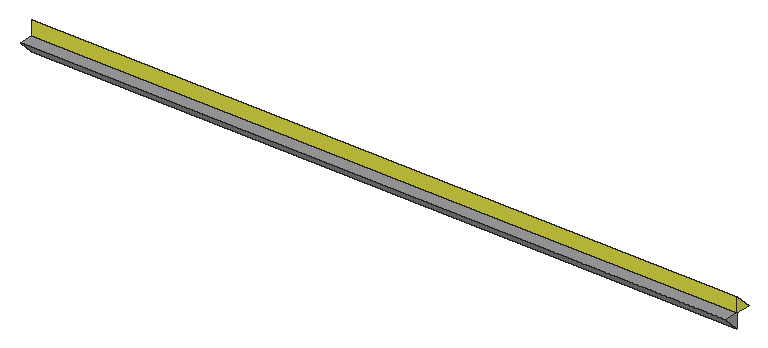
Revit family "NBS_Alignment", category Structural Framing, Revit 2024
Family settings
  Structural Framing Length Roundoff = 0 mm
  Section Shape = Not Defined
  Material for Model Behavior = Steel
  Always export as geometry = No
  Always vertical = Yes
  Cut with Voids When Loaded = No
  Symbolic Representation = From Family
  Shared = No
  Show family pre-cut in plan views = Yes
Parameters (values of type "CenterAlignment")
  URL = ""
  Structural Material [instance] = Iht. leverandørens anvisninger
  ModelBy = "Norconsult AS"  # constant formula
  Assembly Code = ""
  Length [instance] = 1500 mm
Reference planes
  plane 1 "Center (Front/Back)": y = 0
  plane 2: z = 0
  plane 3 "Center (Left/Right)": x = 4.61
  plane 4: y = 150
  plane 5: y = -150
  plane 6: z = 300
  plane 7 "Bottom": z = -300
  plane 8 "Left": x = -757.39
  plane 9 "Right": x = 742.61
Forms (mm)
  Sweep 1, solid, material "Default"
    path origin (0, 0, 0) x (1, 0, 0) y (0, 1, 0)
      loop
        line (742.61, 0) -> (-757.39, 0)
    profile origin (-7.39, 0, 0) x (0, -1, 0) y (0, 0, 1)
      loop
        line (0, 0) -> (0, -30) -> (30, 0) -> (0, 0)
  Sweep 2, solid, material "Default y"
    path origin (0, 0, 0) x (1, 0, 0) y (0, 1, 0)
      loop
        line (742.61, 0) -> (-757.39, 0)
    profile origin (-7.39, 0, 0) x (0, -1, 0) y (0, 0, 1)
      loop
        line (0, 0) -> (0, 30) -> (-30, 0) -> (0, 0)
Dimensions and locks
  locked: plane 4 to plane 5 at 300
  equal spacing: plane 7 "Bottom", plane 2, plane 6
  equal spacing: plane 4, plane 1 "Center (Front/Back)", plane 5
  locked: plane 7 "Bottom" to plane 6 at 600
  "Length": plane 8 "Left" to plane 9 "Right"
  aligned and locked: Sweep 1 sketch curve to plane 1 "Center (Front/Back)"
  aligned and locked: plane 8 "Left" to Sweep 1 sketch curve
  aligned and locked: plane 9 "Right" to Sweep 1 sketch curve
Automatic sketch dimensions
  plane 1 "Center (Front/Back)" to Sweep 2 sketch curve = 0 mm
  Sweep 2 sketch curve to plane 8 "Left" = 0 mm
  Sweep 2 sketch curve to plane 9 "Right" = 0 mm
  Sweep 2 sketch curve to level = 0 mm
  Sweep 2 sketch curve to profile plane = 0 mm
  profile plane to Sweep 2 sketch curve = 30 mm
  level to Sweep 2 sketch curve = 30 mm
  Sweep 1 sketch curve to profile plane = 0 mm
  Sweep 1 sketch curve to level = 0 mm
  Sweep 1 sketch curve to profile plane = 30 mm
  Sweep 1 sketch curve to level = 30 mm
